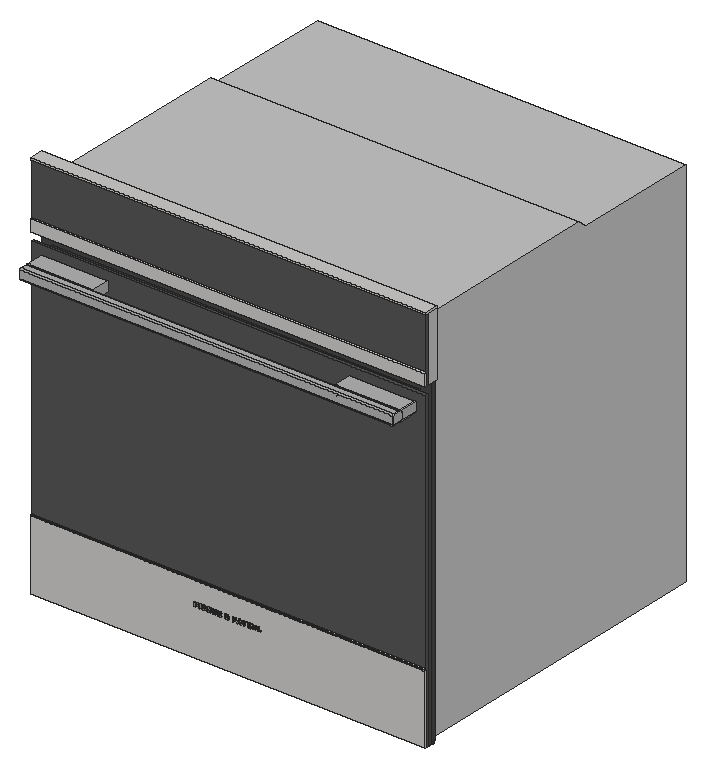
Revit family "FP_Revit_18_OB60SDPTX1_Oven_90000946A", category Specialty Equipment, Revit 2018
Family settings
  Round Connector Dimension = Use Diameter
  Part Type = Normal
  OmniClass Number = 23.40.40.14.17.11
  OmniClass Title = Cookers, Ovens, Stoves
  Work Plane-Based = No
  Always vertical = Yes
  Cut with Voids When Loaded = Yes
  Shared = No
  Room Calculation Point = No
Parameters
  Visibility - Clearance Required = yes
  URL = "www.fisherpaykel.com"
  Product - Width = 596 mm  # constant formula
  Product - Height = 598 mm  # constant formula
  Product - Depth = 565 mm  # constant formula
  Model = "OB60SDPTX1"
  Material - Trim = Fisher & Paykel - Stainless Steel
  Material - Structure = Fisher & Paykel - Black
  Material - Handle = Fisher & Paykel - Aluminium
  Material - Glass = Fisher & Paykel - Glass, Black
  Material - Buttons and Dials = Fisher & Paykel - Stainless Steel
  Material - Body = Fisher & Paykel - Grey
  Manufacturer = "Fisher & Paykel Appliances"
  FFL Offset [instance] = 200 mm
  Description = "60cm Built-In Oven"
  Connector Note - Electrical = "230 V, 18.5 A"
  Chassis - Width = 556 mm  # constant formula
  Chassis - Height = 575 mm  # constant formula
  Chassis - Depth = 545 mm  # constant formula
  Cavity - Width = 600 mm  # constant formula
  Cavity - Height = 600 mm  # constant formula
  Cavity - Depth = 550 mm  # constant formula
Reference planes
  plane 1 "Datum": y = 0
  plane 2: z = 0
  plane 3 "Center (Left/Right)": x = 0
  plane 4 "Cavity": z = 780
  plane 5 "Product Height": z = 798
  plane 6 "Product LHS": x = -298
  plane 7 "Product RHS": x = 298
  plane 8 "Cavity LHS": x = -300
  plane 9 "Cavity RHS": x = 300
  plane 10 "Cavity - Depth": y = 550
  plane 11 "Product Depth": y = 545
  plane 12 "Front Face": y = -20
  plane 13 "Dial": x = 154.861
  plane 14 "FFL Offset": z = 200
  plane 15 "Cavity Height": z = 800
Forms (mm)
  Extrusion 1, solid, material "Fisher & Paykel - Grey" <- "Material - Body"
    sketch origin (0, 0, 0) x (0, 1, 0) y (0, 0, 1)
      loop
        line (0, 200) -> (525, 200) -> (525, 393.99) -> (545, 413.99) -> (545, 609.73) -> (495, 659.73) -> (495, 764.6) -> (307.721, 764.6) -> (293.958, 775) -> (0, 775) -> (0, 200)
    from -278 to 278
  Extrusion 2, void
    sketch origin (0, 0, 0) x (1, 0, 0) y (0, 1, 0)
      loop
        line (-278, 495) -> (-229.13, 495) -> (-179.13, 545) -> (-278, 545) -> (-278, 495)
      loop
        line (278, 495) -> (278, 545) -> (94.617, 545) -> (114.617, 525) -> (199.13, 525) -> (229.13, 495) -> (278, 495)
    from 200 to 764.6
  Extrusion 3, solid, material "Fisher & Paykel - Stainless Steel" <- "Material - Trim"
    sketch origin (0, 0, 0) x (0, 1, 0) y (0, 0, 1)
      loop
        line (0, 798) -> (-20.5, 798) -> (-20.5, 795.1) -> (0, 795.1) -> (0, 798)
    from -298 to 298
  Extrusion 4, solid, material "Fisher & Paykel - Grey" <- "Material - Body"
    sketch origin (0, 0, 0) x (0, 1, 0) y (0, 0, 1)
      loop
        line (-16, 795.1) -> (-16, 698) -> (0, 698) -> (0, 795.1) -> (-16, 795.1)
    from -298 to 298
  Extrusion 5, solid, material "Fisher & Paykel - Glass, Black" <- "Material - Glass"
    sketch origin (0, 0, 0) x (1, 0, 0) y (0, 0, 1)
      loop
        line (-298, 685.2) -> (-298, 208.6) -> (298, 208.6) -> (298, 685.2) -> (-298, 685.2)
      loop
        line (-298, 698) -> (298, 698) -> (298, 794.5) -> (-298, 794.5) -> (-298, 698)
    from 16 to 20
  Extrusion 6, solid, material "Fisher & Paykel - Black" <- "Material - Structure"
    sketch origin (0, 0, 0) x (0, 1, 0) y (0, 0, 1)
      loop
        line (-13.8, 683.7) -> (-16, 683.7) -> (-16, 224.7) -> (-5, 224.7) -> (-5, 680.497) -> (-13.8, 683.7)
    from -277 to 277
  Extrusion 7, solid, material "Fisher & Paykel - Black" <- "Material - Structure"
    sketch origin (0, 0, 0) x (1, 0, 0) y (0, 0, 1)
      loop
        line (-295, 698) -> (-295, 209.536)
        arc (-295, 209.536) -> (-292.207, 202.793) -> (-285.464, 200) r 9.536
        line (-285.464, 200) -> (285.5, 200)
        arc (285.5, 200) -> (292.218, 202.782) -> (295, 209.5) r 9.5
        line (295, 209.5) -> (295, 698) -> (-295, 698)
    from 0 to 5
  Sweep 8, solid, material "Fisher & Paykel - Black"
    path origin (-195.035, 0, 0) x (0, 1, 0) y (0, 0, 1)
      loop
        line (478.272, 708.8) -> (498.6, 708.8)
        arc (498.6, 708.8) -> (507.085, 705.285) -> (510.6, 696.8) r 12
        line (510.6, 696.8) -> (510.6, 678.8)
    profile origin (-195.035, 488.436, 708.8) x (0, 0, 1) y (1, 0, 0)
      loop
        line (0, 11) -> (-11, 11) -> (-11, -11) -> (0, -11)
        arc (0, -11) -> (11, 0) -> (0, 11) r 11
  Extrusion 9, solid, material "Fisher & Paykel - Clearance Required", visible <- "Visibility - Clearance Required", detail levels coarse
    sketch origin (0, 0, 0) x (0, 1, 0) y (0, 0, 1)
      loop
        line (-21.6, 227.528) -> (-21.6, 200) -> (0, 200) -> (0, 800) -> (-21.6, 800) -> (-21.6, 685.18)
        arc (-21.6, 685.18) -> (-333.147, 559.899) -> (-479.9, 257.872) r 466.605
        line (-479.9, 257.872) -> (-465.169, 256.897) -> (-467.944, 214.989) -> (-455.498, 214.164) -> (-452.723, 256.073) -> (-21.6, 227.528)
    from -300 to 300
  Extrusion 10, solid, material "Fisher & Paykel - Clearance Required", visible <- "Visibility - Clearance Required", detail levels coarse
    sketch origin (0, 0, 0) x (1, 0, 0) y (0, 1, 0)
      loop
        line (-280, 0) -> (280, 0) -> (280, 550) -> (-280, 550) -> (-280, 0)
    from 200 to 780
  Extrusion 11, void
    sketch origin (0, 0, 0) x (1, 0, 0) y (0, 1, 0)
      loop
        line (-300, -21.6) -> (300, -21.6) -> (300, 0) -> (-300, 0) -> (-300, -21.6)
    from 200 to 800
  Extrusion 12, solid, material "Fisher & Paykel - Stainless Steel" <- "Material - Trim", detail levels medium+fine
    sketch origin (0, -2000, 0) x (0, 1, 0) y (0, 0, 1)
      loop
        line (1980, 316.326) -> (1978.666, 314.661)
        arc (1978.666, 314.661) -> (1978.468, 314.306) -> (1978.4, 313.905) r 1.209
        line (1978.4, 313.905) -> (1978.4, 208.6) -> (1980, 208.6) -> (1980, 316.326)
    from -298 to 298
  Extrusion 13, solid, material "Fisher & Paykel - Stainless Steel" <- "Material - Trim", detail levels fine
    sketch origin (0, 0, 0) x (0, 1, 0) y (0, 0, 1)
      loop
        line (-21.7, 715.525) -> (-21.7, 698) -> (-20, 698) -> (-20, 717.528) -> (-21.7, 715.525)
    from -298 to 298
  Extrusion 14, void
    sketch origin (0, 0, 0) x (1, 0, 0) y (0, 1, 0)
      loop
        line (-280, 550) -> (-280, 0) -> (280, 0) -> (280, 550) -> (-280, 550)
    from 200 to 780
Cuts and joins
  Extrusion 2 cuts Extrusion 1
Lines and regions (mm)
  model lines, style "Fisher & Paykel"
    curve 1: line (217.5, -20, 334.2) -> (-217.5, -20, 334.2)
    curve 2: line (217.5, -20, 617.436) -> (217.5, -20, 334.2)
    curve 3: line (-217.5, -20, 617.436) -> (217.5, -20, 617.436)
    curve 4: line (-217.5, -20, 334.2) -> (-217.5, -20, 617.436)
Text (mm)
  text "Disclaimer:\nWe endeavor to maintain the accuracy of our 3D content.\nHowever, product details are subject to change without notice.\nPlease refer to the product Data Sheets for the most current product information." at (41.04, -568.295, 0), in view "Ref. Level (Plan)"
Dimensions and locks
  equal spacing: plane 6 "Product LHS", plane 3 "Center (Left/Right)", plane 7 "Product RHS"
  "Product - Width": plane 6 "Product LHS" to plane 7 "Product RHS"
  equal spacing: plane 8 "Cavity LHS", plane 3 "Center (Left/Right)", plane 9 "Cavity RHS"
  "Cavity - Width": plane 8 "Cavity LHS" to plane 9 "Cavity RHS"
  "Cavity - Depth": plane 10 "Cavity - Depth" to plane 1 "Datum"
  "Chassis - Depth": plane 11 "Product Depth" to plane 1 "Datum"
  plane 12 "Front Face" to plane 1 "Datum" = 20 mm
  "Product - Depth": plane 11 "Product Depth" to plane 12 "Front Face"
  "Chassis - Width": cut or joined group of Extrusion 1, Extrusion 2 to cut or joined group of Extrusion 1, Extrusion 2
  "FFL Offset": plane 14 "FFL Offset" to level
  "Product - Height": plane 5 "Product Height" to plane 14 "FFL Offset"
  "Cavity - Height": Extrusion 9 to plane 14 "FFL Offset"
  locked: plane 4 "Cavity" to plane 14 "FFL Offset" at 580
  locked: nested 2 to plane 14 "FFL Offset" at 78.956
  locked: Extrusion 5 to plane 14 "FFL Offset" at 8.6
  locked: Extrusion 6 to plane 14 "FFL Offset" at 24.7
  locked: Extrusion 12 to plane 14 "FFL Offset" at 8.6
  "Cavity - Height": plane 15 "Cavity Height" to plane 14 "FFL Offset"
  locked: cut or joined group of Extrusion 1, Extrusion 2 to plane 14 "FFL Offset" at 564.6
  locked: plane 5 "Product Height" to nested 1 at 125.8
  locked: curve 1 to plane 14 "FFL Offset" at 134.2
  locked: curve 3 to plane 14 "FFL Offset" at 417.436
  aligned and locked: level to plane 2
  aligned and locked: plane 8 "Cavity LHS" to Extrusion 9
  aligned and locked: Extrusion 9 to plane 9 "Cavity RHS"
  aligned and locked: Extrusion 1 sketch curve to plane 14 "FFL Offset"
  aligned and locked: Extrusion 1 to Extrusion 2
  aligned and locked: Extrusion 2 to Extrusion 1
  aligned and locked: plane 14 "FFL Offset" to Extrusion 9 sketch curve
  aligned and locked: plane 14 "FFL Offset" to Extrusion 7 sketch curve
  aligned and locked: Extrusion 14 to cut or joined group of Extrusion 1, Extrusion 2
  aligned and locked: plane 4 "Cavity" to Extrusion 14
  aligned and locked: plane 4 "Cavity" to Extrusion 10
  aligned and locked: Extrusion 10 to cut or joined group of Extrusion 1, Extrusion 2
  aligned and locked: Extrusion 11 to cut or joined group of Extrusion 1, Extrusion 2
  aligned and locked: Extrusion 11 to Extrusion 9
  aligned and locked: plane 15 "Cavity Height" to Extrusion 11
Automatic sketch dimensions
  Extrusion 2 sketch curve to plane 11 "Product Depth" = 0 mm  (x2)
  Extrusion 2 sketch curve to plane 6 "Product LHS" = 20 mm
  Extrusion 2 sketch curve to Extrusion 2 sketch curve = 48.87 mm
  Extrusion 2 sketch curve to Extrusion 2 sketch curve = 50 mm  (x3)
  plane 3 "Center (Left/Right)" to Extrusion 2 sketch curve = 94.617 mm
  Extrusion 2 sketch curve to Extrusion 2 sketch curve = 20 mm
  Extrusion 2 sketch curve to plane 11 "Product Depth" = 20 mm
  Extrusion 2 sketch curve to Extrusion 2 sketch curve = 84.513 mm
  Extrusion 2 sketch curve to Extrusion 2 sketch curve = 30 mm
  plane 7 "Product RHS" to Extrusion 2 sketch curve = 20 mm
  Extrusion 3 sketch curve to plane 1 "Datum" = 0 mm
  Extrusion 3 sketch curve to plane 12 "Front Face" = 0.5 mm
  Extrusion 3 sketch curve to plane 5 "Product Height" = 2.9 mm
  plane 5 "Product Height" to Extrusion 3 sketch curve = 0 mm
  Extrusion 4 sketch curve to plane 1 "Datum" = 0 mm
  plane 12 "Front Face" to Extrusion 4 sketch curve = 4 mm
  Extrusion 4 sketch curve to plane 4 "Cavity" = 82 mm
  Extrusion 4 sketch curve to plane 5 "Product Height" = 2.9 mm
  plane 6 "Product LHS" to Extrusion 5 sketch curve = 0 mm  (x2)
  plane 7 "Product RHS" to Extrusion 5 sketch curve = 0 mm  (x2)
  level to Extrusion 5 sketch curve = 208.6 mm
  Extrusion 5 sketch curve to plane 4 "Cavity" = 94.8 mm
  Extrusion 5 sketch curve to Extrusion 5 sketch curve = 12.8 mm
  Extrusion 5 sketch curve to plane 5 "Product Height" = 3.5 mm
  plane 12 "Front Face" to Extrusion 6 sketch curve = 4 mm
  Extrusion 6 sketch curve to Extrusion 6 sketch curve = 2.2 mm
  plane 1 "Datum" to Extrusion 6 sketch curve = 5 mm
  level to Extrusion 6 sketch curve = 224.7 mm
  Extrusion 6 sketch curve to plane 4 "Cavity" = 99.503 mm
  Extrusion 6 sketch curve to Extrusion 6 sketch curve = 3.203 mm
  plane 7 "Product RHS" to curve 2 = 80.5 mm
  curve 4 to plane 6 "Product LHS" = 80.5 mm
  Sweep 8 sketch curve to plane 11 "Product Depth" = 46.4 mm
  Sweep 8 sketch curve to Sweep 8 sketch curve = 12 mm
  Sweep 8 sketch curve to plane 4 "Cavity" = 83.2 mm
  Sweep 8 sketch curve to Sweep 8 sketch curve = 20.328 mm
  Sweep 8 sketch curve to Sweep 8 sketch curve = 18 mm
  Sweep 8 sketch curve to profile plane = 0 mm  (x2)
  Sweep 8 sketch curve to Sweep 8 sketch curve = 11 mm
  Sweep 8 sketch curve to profile plane = 11 mm
  Extrusion 10 sketch curve to plane 10 "Cavity - Depth" = 0 mm
  plane 1 "Datum" to Extrusion 10 sketch curve = 0 mm
  Extrusion 10 sketch curve to plane 6 "Product LHS" = 18 mm
  plane 7 "Product RHS" to Extrusion 10 sketch curve = 18 mm
  plane 1 "Datum" to Extrusion 11 sketch curve = 0 mm
  Extrusion 11 sketch curve to plane 8 "Cavity LHS" = 0 mm
  Extrusion 11 sketch curve to plane 9 "Cavity RHS" = 0 mm
  Extrusion 11 sketch curve to plane 12 "Front Face" = 1.6 mm
  Extrusion 12 sketch curve to plane 12 "Front Face" = 0 mm
  Extrusion 12 sketch curve to plane 12 "Front Face" = 0.391 mm
  Extrusion 12 sketch curve to Extrusion 12 sketch curve = 0.943 mm
  Extrusion 12 sketch curve to Extrusion 12 sketch curve = 1.6 mm
  level to Extrusion 12 sketch curve = 208.6 mm
  Extrusion 12 sketch curve to Extrusion 12 sketch curve = 105.305 mm
  Extrusion 12 sketch curve to Extrusion 12 sketch curve = 1.664 mm
  Extrusion 13 sketch curve to plane 12 "Front Face" = 0 mm
  Extrusion 13 sketch curve to Extrusion 13 sketch curve = 1.7 mm
  Extrusion 13 sketch curve to plane 4 "Cavity" = 82 mm
  Extrusion 13 sketch curve to Extrusion 13 sketch curve = 17.525 mm
  Extrusion 13 sketch curve to Extrusion 13 sketch curve = 2.002 mm
  plane 1 "Datum" to Extrusion 14 sketch curve = 0 mm
  Extrusion 14 sketch curve to plane 10 "Cavity - Depth" = 0 mm
  Extrusion 14 sketch curve to plane 6 "Product LHS" = 18 mm
  plane 7 "Product RHS" to Extrusion 14 sketch curve = 18 mm
  Extrusion 1 sketch curve to plane 1 "Datum" = 0 mm
  Extrusion 1 sketch curve to plane 11 "Product Depth" = 0 mm
  Extrusion 1 sketch curve to plane 4 "Cavity" = 5 mm
  Extrusion 1 sketch curve to plane 11 "Product Depth" = 251.042 mm
  Extrusion 1 sketch curve to Extrusion 1 sketch curve = 13.762 mm
  Extrusion 1 sketch curve to plane 4 "Cavity" = 15.4 mm
  Extrusion 1 sketch curve to plane 11 "Product Depth" = 50 mm
  Extrusion 1 sketch curve to plane 11 "Product Depth" = 20 mm
  plane 14 "FFL Offset" to Extrusion 1 sketch curve = 193.99 mm
  Extrusion 1 sketch curve to Extrusion 1 sketch curve = 20 mm
  Extrusion 1 sketch curve to Extrusion 1 sketch curve = 154.87 mm
  Extrusion 1 sketch curve to Extrusion 1 sketch curve = 50 mm
  Extrusion 9 sketch curve to plane 1 "Datum" = 0 mm
  plane 12 "Front Face" to Extrusion 9 sketch curve = 5.051 mm
  Extrusion 9 sketch curve to plane 12 "Front Face" = 1.6 mm  (x2)
  plane 14 "FFL Offset" to Extrusion 9 sketch curve = 56.073 mm
  Extrusion 9 sketch curve to Extrusion 9 sketch curve = 431.123 mm
  plane 14 "FFL Offset" to Extrusion 9 sketch curve = 14.164 mm
  Extrusion 9 sketch curve to Extrusion 9 sketch curve = 2.775 mm
  plane 14 "FFL Offset" to Extrusion 9 sketch curve = 56.897 mm
  Extrusion 9 sketch curve to Extrusion 9 sketch curve = 12.446 mm
  plane 14 "FFL Offset" to Extrusion 9 sketch curve = 57.872 mm
  Extrusion 9 sketch curve to Extrusion 9 sketch curve = 8.905 mm
  plane 5 "Product Height" to Extrusion 9 sketch curve = 2 mm
  Extrusion 7 sketch curve to plane 6 "Product LHS" = 3 mm
  plane 14 "FFL Offset" to Extrusion 7 sketch curve = 9.536 mm
  plane 7 "Product RHS" to Extrusion 7 sketch curve = 12.5 mm
  plane 7 "Product RHS" to Extrusion 7 sketch curve = 3 mm
  Extrusion 7 sketch curve to plane 4 "Cavity" = 82 mm
Nested families
  nested 1: "F&P Handle Contemporary Square OB60-24" at (0, -20, 664.222), type "Aluminium"
  nested 2: "F&P Logo 100mm" at (0, -21.6, 278.956), type "Chrome", detail levels fine
Connectors
  electrical at (-195.035, 505.1, 678.8), driven by "Connector Note - Electrical"
    settings: on Sweep 8, index 1, voltage 230 V, apparent load 0 VA, apparent load phase1 0 VA, apparent load phase2 0 VA, apparent load phase3 0 VA, power factor 1, load classification "Other", number of poles 1, system type 30, power factor state 1, is connector primary yes, connector utility no, sub classification motor no, connector description "230 V, 18.5 A"
Definition of nested family "F&P Handle Contemporary Square OB60-24"
  Parameters (values of type "Aluminium Dark")
    URL = "www.fisherpaykel.com"
    Material - Handle = none
    Manufacturer = "Fisher & Paykel Appliances"
    Handle - Length = 565 mm
  Types (2): name
    Aluminium
    Aluminium Dark
  Reference planes
    plane 1 "Center (Front/Back)": y = 0
    plane 2: z = 0
    plane 3 "Center (Left/Right)": x = 0
    plane 4 "Product LHS": x = -282.5
    plane 5 "Product RHS": x = 282.5
    plane 6 "LHS Standoff": x = -182.495
    plane 7 "RHS Standoff": x = 182.505
  Forms (mm)
    Extrusion 1, solid, material <- "Material - Handle", detail levels fine
      sketch origin (0, 0, 0) x (0, 1, 0) y (0, 0, 1)
        loop
          arc (-28.701, 7.561) -> (-29.057, 7.868) -> (-29.514, 7.978) r 1
          line (-29.514, 7.978) -> (-40.5, 7.978)
          arc (-40.5, 7.978) -> (-41.561, 7.539) -> (-42, 6.478) r 1.5
          line (-42, 6.478) -> (-42, -6.522)
          arc (-42, -6.522) -> (-41.561, -7.583) -> (-40.5, -8.022) r 1.5
          line (-40.5, -8.022) -> (-29.487, -8.022)
          arc (-29.487, -8.022) -> (-29.029, -7.911) -> (-28.673, -7.602) r 1
          arc (-28.673, -7.602) -> (-26.256, -0.016) -> (-28.701, 7.561) r 13.038
      from -282.5 to 282.5
    Extrusion 2, solid, material <- "Material - Handle", detail levels fine
      sketch origin (0, 0, 0) x (0, 1, 0) y (0, 0, 1)
        loop
          arc (-28.23, 7.062) -> (-26.156, 0.008) -> (-28.198, -7.056) r 13.136
          arc (-28.198, -7.056) -> (-28.21, -7.463) -> (-27.86, -7.67) r 0.4
          line (-27.86, -7.67) -> (0, -7.67) -> (0, 7.678) -> (-27.893, 7.678)
          arc (-27.893, 7.678) -> (-28.244, 7.47) -> (-28.23, 7.062) r 0.4
      from 182.505 to 282.5
    Extrusion 3, solid, material <- "Material - Handle", detail levels fine
      sketch origin (0, 0, 0) x (0, 1, 0) y (0, 0, -1)
        loop
          arc (-28.23, -7.062) -> (-28.244, -7.47) -> (-27.893, -7.678) r 0.4
          line (-27.893, -7.678) -> (0, -7.678) -> (0, 7.67) -> (-27.86, 7.67)
          arc (-27.86, 7.67) -> (-28.21, 7.463) -> (-28.198, 7.056) r 0.4
          arc (-28.198, 7.056) -> (-26.156, -0.008) -> (-28.23, -7.062) r 13.136
      from 182.495 to 282.5
    Sweep 4, void
      path in 3D
        loop
          line (282.5, -29.514, 7.978) -> (282.5, -40.5, 7.978)
          arc (282.5, -40.5, 7.978) -> (282.5, -41.561, 7.539) -> (282.5, -42, 6.478) r 1.5
          line (282.5, -42, 6.478) -> (282.5, -42, -6.522)
          arc (282.5, -42, -6.522) -> (282.5, -41.561, -7.583) -> (282.5, -40.5, -8.022) r 1.5
          line (282.5, -40.5, -8.022) -> (282.5, -29.487, -8.022)
      profile origin (282.5, -35.007, 7.978) x (1, 0, 0) y (0, 0, 1)
        loop
          line (0, 0) -> (-1.3, 0) -> (0, -1.3) -> (0, 0)
    Sweep 5, void
      path in 3D
        loop
          line (-282.5, -29.487, -8.022) -> (-282.5, -40.5, -8.022)
          arc (-282.5, -40.5, -8.022) -> (-282.5, -41.561, -7.583) -> (-282.5, -42, -6.522) r 1.5
          line (-282.5, -42, -6.522) -> (-282.5, -42, 6.478)
          arc (-282.5, -42, 6.478) -> (-282.5, -41.561, 7.539) -> (-282.5, -40.5, 7.978) r 1.5
          line (-282.5, -40.5, 7.978) -> (-282.5, -29.514, 7.978)
      profile origin (-282.5, -35.007, 7.978) x (-1, 0, 0) y (0, 0, 1)
        loop
          line (0, 0) -> (-1.3, 0) -> (0, -1.3) -> (0, 0)
    Extrusion 6, void
      sketch origin (0, 0, 0) x (1, 0, 0) y (0, 0, 1)
        loop
          line (282.5, 7.978) -> (281.2, 7.978) -> (282.5, 6.678) -> (282.5, 7.978)
        loop
          line (282.5, -8.022) -> (282.5, -6.722) -> (281.2, -8.022) -> (282.5, -8.022)
      from 0 to 40
    Extrusion 7, void
      sketch origin (0, 0, 0) x (1, 0, 0) y (0, 0, 1)
        loop
          line (-282.5, 7.978) -> (-282.5, 6.678) -> (-281.2, 7.978) -> (-282.5, 7.978)
        loop
          line (-282.5, -8.022) -> (-281.2, -8.022) -> (-282.5, -6.722) -> (-282.5, -8.022)
      from 0 to 40
    Extrusion 8, solid, material <- "Material - Handle", detail levels coarse+medium
      sketch origin (0, 0, 0) x (1, 0, 0) y (0, 1, 0)
        loop
          line (-282.5, -42) -> (282.5, -42) -> (282.5, 0) -> (182.505, 0) -> (182.505, -26.156) -> (-182.495, -26.156) -> (-182.495, 0) -> (-282.5, 0) -> (-282.5, -42)
      from -8.022 to 7.978
  Cuts and joins
    Sweep 4, Sweep 5, Extrusion 6, Extrusion 7 cuts Extrusion 1
    Extrusion 6 cuts Extrusion 2
    Extrusion 7 cuts Extrusion 3
  Lines and regions (mm)
    sketch lines
      curve 1: line (282.5, -29.514, 7.978) -> (282.5, -40.5, 7.978)
      curve 2: arc (282.5, -42, 6.478) -> (282.5, -41.561, 7.539) -> (282.5, -40.5, 7.978) r 1.5
      curve 3: line (282.5, -42, 6.478) -> (282.5, -42, -6.522)
      curve 4: arc (282.5, -40.5, -8.022) -> (282.5, -41.561, -7.583) -> (282.5, -42, -6.522) r 1.5
      curve 5: line (282.5, -40.5, -8.022) -> (282.5, -29.487, -8.022)
      curve 6: line (-282.5, -40.5, 7.978) -> (-282.5, -29.514, 7.978)
      curve 7: arc (-282.5, -40.5, 7.978) -> (-282.5, -41.561, 7.539) -> (-282.5, -42, 6.478) r 1.5
      curve 8: line (-282.5, -42, -6.522) -> (-282.5, -42, 6.478)
      curve 9: arc (-282.5, -42, -6.522) -> (-282.5, -41.561, -7.583) -> (-282.5, -40.5, -8.022) r 1.5
      curve 10: line (-282.5, -29.487, -8.022) -> (-282.5, -40.5, -8.022)
  Dimensions and locks
    equal spacing: plane 4 "Product LHS", plane 3 "Center (Left/Right)", plane 5 "Product RHS"
    "Handle - Length": plane 4 "Product LHS" to plane 5 "Product RHS"
    locked: plane 4 "Product LHS" to plane 6 "LHS Standoff" at 100.005
    locked: plane 7 "RHS Standoff" to plane 5 "Product RHS" at 99.995
    aligned and locked: level to plane 2
    aligned and locked: Extrusion 1 to plane 5 "Product RHS"
    aligned and locked: plane 4 "Product LHS" to Extrusion 1
    aligned and locked: Extrusion 2 to plane 5 "Product RHS"
    aligned and locked: plane 4 "Product LHS" to Extrusion 3
    aligned and locked: plane 4 "Product LHS" to Extrusion 8 sketch curve
    aligned and locked: Extrusion 8 sketch curve to plane 5 "Product RHS"
    aligned and locked: Extrusion 8 sketch curve to plane 7 "RHS Standoff"
    aligned and locked: plane 6 "LHS Standoff" to Extrusion 8 sketch curve
    aligned and locked: Extrusion 2 to plane 7 "RHS Standoff"
    aligned and locked: plane 6 "LHS Standoff" to Extrusion 3
  Automatic sketch dimensions
    Extrusion 1 sketch curve to level = 6.522 mm
    plane 1 "Center (Front/Back)" to Extrusion 1 sketch curve = 42 mm
    Extrusion 1 sketch curve to Extrusion 1 sketch curve = 1.5 mm  (x2)
    Extrusion 1 sketch curve to level = 0.04 mm
    Extrusion 1 sketch curve to Extrusion 1 sketch curve = 1.206 mm
    level to Extrusion 1 sketch curve = 6.978 mm
    Extrusion 1 sketch curve to Extrusion 1 sketch curve = 10.986 mm
    Extrusion 1 sketch curve to Extrusion 1 sketch curve = 11.013 mm
    Extrusion 1 sketch curve to Extrusion 1 sketch curve = 1 mm
    level to Extrusion 1 sketch curve = 6.478 mm
    Extrusion 1 sketch curve to Extrusion 1 sketch curve = 0 mm
    Extrusion 2 sketch curve to plane 1 "Center (Front/Back)" = 0 mm
    Extrusion 2 sketch curve to level = 7.67 mm
    Extrusion 2 sketch curve to Extrusion 2 sketch curve = 27.86 mm
    level to Extrusion 2 sketch curve = 7.678 mm
    Extrusion 2 sketch curve to Extrusion 2 sketch curve = 0.033 mm
    Extrusion 2 sketch curve to level = 0.022 mm
    Extrusion 2 sketch curve to Extrusion 2 sketch curve = 11.398 mm
    Extrusion 2 sketch curve to Extrusion 2 sketch curve = 0.4 mm  (x2)
    Extrusion 2 sketch curve to Extrusion 2 sketch curve = 0 mm
    Extrusion 3 sketch curve to plane 1 "Center (Front/Back)" = 0 mm
    Extrusion 3 sketch curve to level = 7.67 mm
    Extrusion 3 sketch curve to Extrusion 3 sketch curve = 27.86 mm
    level to Extrusion 3 sketch curve = 7.678 mm
    Extrusion 3 sketch curve to Extrusion 3 sketch curve = 0.033 mm
    Extrusion 3 sketch curve to level = 0.022 mm
    Extrusion 3 sketch curve to Extrusion 3 sketch curve = 11.398 mm
    Extrusion 3 sketch curve to Extrusion 3 sketch curve = 0.4 mm  (x2)
    Extrusion 3 sketch curve to Extrusion 3 sketch curve = 0 mm
    profile plane to Sweep 4 sketch curve = 0 mm
    Sweep 4 sketch curve to profile plane = 0 mm
    Sweep 4 sketch curve to profile plane = 1.3 mm
    profile plane to Sweep 4 sketch curve = 1.3 mm
    Sweep 5 sketch curve to profile plane = 0 mm  (x2)
    profile plane to Sweep 5 sketch curve = 1.3 mm
    Sweep 5 sketch curve to profile plane = 1.3 mm
    plane 5 "Product RHS" to Extrusion 6 sketch curve = 0 mm  (x2)
    Extrusion 6 sketch curve to Extrusion 6 sketch curve = 1.3 mm  (x4)
    Extrusion 6 sketch curve to level = 6.722 mm
    level to Extrusion 6 sketch curve = 6.678 mm
    plane 4 "Product LHS" to Extrusion 7 sketch curve = 0 mm  (x2)
    Extrusion 7 sketch curve to plane 4 "Product LHS" = 1.3 mm  (x2)
    Extrusion 7 sketch curve to level = 8.022 mm
    level to Extrusion 7 sketch curve = 6.678 mm
    Extrusion 7 sketch curve to Extrusion 7 sketch curve = 1.3 mm  (x2)
    plane 1 "Center (Front/Back)" to Extrusion 8 sketch curve = 0 mm  (x2)
    Extrusion 8 sketch curve to Extrusion 8 sketch curve = 26.156 mm
    Extrusion 8 sketch curve to Extrusion 8 sketch curve = 42 mm
Definition of nested family "F&P Logo 100mm"
  Parameters (values of type "Chrome")
    URL = "www.fisherpaykel.com"
    Material - Logo = none
    Manufacturer = "Fisher & Paykel Appliances"
  Types (3): name
    (no name)
    Chrome
    Grey
  Reference planes
    plane 1 "Center (Front/Back)": y = 0
    plane 2: z = 0
    plane 3 "Center (Left/Right)": x = 0
  Forms (mm)
    Extrusion 1, solid, material <- "Material - Logo", detail levels fine
      sketch origin (0, 0, 0) x (1, 0, 0) y (0, 0, 1)
        loop
          line (-50.044, 0) -> (-48.47, 0) -> (-48.47, 2.138) -> (-46.011, 2.138) -> (-46.011, 3.472) -> (-48.47, 3.472) -> (-48.47, 4.712) -> (-45.795, 4.712) -> (-45.795, 6.04) -> (-50.044, 6.04) -> (-50.044, 0)
        loop
          line (-42.804, 6.04) -> (-42.804, 0) -> (-41.23, 0) -> (-41.23, 6.04) -> (-42.804, 6.04)
        loop
          line (-30.724, 6.04) -> (-30.724, 0) -> (-29.151, 0) -> (-29.151, 2.42) -> (-26.839, 2.42) -> (-26.839, 0) -> (-25.265, 0) -> (-25.265, 6.04) -> (-26.839, 6.04) -> (-26.839, 3.748) -> (-29.151, 3.748) -> (-29.151, 6.04) -> (-30.724, 6.04)
        loop
          line (-21.906, 6.04) -> (-21.906, 0) -> (-17.602, 0) -> (-17.602, 1.328) -> (-20.347, 1.328) -> (-20.347, 2.42) -> (-17.838, 2.42) -> (-17.838, 3.748) -> (-20.347, 3.748) -> (-20.347, 4.712) -> (-17.602, 4.712) -> (-17.602, 6.04) -> (-21.906, 6.04)
        loop
          line (45.667, 6.04) -> (45.667, 0) -> (49.956, 0) -> (49.956, 1.328) -> (47.241, 1.328) -> (47.241, 6.04) -> (45.667, 6.04)
        loop
          line (42.431, 6.04) -> (38.112, 6.04) -> (38.112, 0) -> (42.431, 0) -> (42.431, 1.328) -> (39.687, 1.328) -> (39.687, 2.42) -> (42.195, 2.42) -> (42.195, 3.748) -> (39.687, 3.748) -> (39.687, 4.712) -> (42.431, 4.712) -> (42.431, 6.04)
        loop
          line (33.451, 3.148) -> (35.683, 6.04) -> (33.844, 6.04) -> (31.915, 3.542) -> (31.915, 6.04) -> (30.342, 6.04) -> (30.342, 0) -> (31.915, 0) -> (31.915, 2.705) -> (33.903, 0) -> (35.763, 0) -> (33.451, 3.148)
        loop
          line (21.98, 6.04) -> (24.262, 2.42) -> (24.262, 0) -> (25.837, 0) -> (25.837, 2.341) -> (28.119, 6.04) -> (26.446, 6.04) -> (25.099, 3.707) -> (23.753, 6.04) -> (21.98, 6.04)
        loop
          line (18.479, 6.04) -> (16.983, 6.04) -> (14.524, 0) -> (16.069, 0) -> (16.501, 1.112) -> (18.921, 1.112) -> (19.354, 0) -> (20.938, 0) -> (18.479, 6.04)
        loop
          line (18.4, 2.439) -> (17.693, 4.174) -> (17.018, 2.439) -> (18.4, 2.439)
        loop
          line (8.031, 6.04) -> (8.031, 0) -> (9.605, 0) -> (9.605, 1.938) -> (10.599, 1.938)
          arc (10.599, 1.938) -> (12.65, 3.989) -> (10.599, 6.04) r 2.051
          line (10.599, 6.04) -> (8.031, 6.04)
        loop
          line (9.605, 4.712) -> (9.605, 3.197) -> (10.501, 3.197)
          arc (10.501, 3.197) -> (11.259, 3.954) -> (10.501, 4.712) r 0.757
          line (10.501, 4.712) -> (9.605, 4.712)
        loop
          line (-11.783, 6.04) -> (-14.366, 6.04) -> (-14.366, 0) -> (-12.792, 0) -> (-12.792, 1.336) -> (-11.992, 1.336) -> (-10.972, 0) -> (-9.153, 0) -> (-10.694, 1.973)
          arc (-10.694, 1.973) -> (-9.678, 4.424) -> (-11.783, 6.04) r 2.179
        loop
          line (-11.897, 4.712) -> (-12.792, 4.712) -> (-12.792, 3.053) -> (-11.897, 3.053)
          arc (-11.897, 3.053) -> (-11.068, 3.882) -> (-11.897, 4.712) r 0.83
        loop
          line (0.477, 4.712) -> (0.477, 6.153) -> (-3.575, 6.153) -> (-3.575, 4.851) -> (-2.974, 4.112)
          arc (-2.974, 4.112) -> (-3.51, 0.684) -> (-0.045, 0.512) r 2.334
          line (-0.045, 0.512) -> (0.46, -0.109) -> (2.246, -0.109) -> (0.86, 1.594) -> (2.061, 3.324) -> (0.443, 3.324) -> (-0.013, 2.667) -> (-1.677, 4.712) -> (0.477, 4.712)
        loop
          arc (-2.125, 3.068) -> (-2.269, 1.668) -> (-0.868, 1.524) r 0.996
          line (-0.868, 1.524) -> (-2.125, 3.068)
        loop
          line (-35.18, 3.634) -> (-36.516, 3.91)
          arc (-36.516, 3.91) -> (-37.049, 4.443) -> (-36.516, 4.976) r 0.533
          arc (-36.516, 4.976) -> (-35.235, 4.79) -> (-34.059, 4.248) r 4.505
          line (-34.059, 4.248) -> (-34.059, 5.743)
          arc (-34.059, 5.743) -> (-35.549, 6.179) -> (-37.1, 6.109) r 4.726
          arc (-37.1, 6.109) -> (-38.536, 4.335) -> (-37.1, 2.561) r 1.814
          line (-37.1, 2.561) -> (-35.754, 2.282)
          arc (-35.754, 2.282) -> (-35.221, 1.749) -> (-35.754, 1.216) r 0.533
          arc (-35.754, 1.216) -> (-37.035, 1.402) -> (-38.211, 1.945) r 4.505
          line (-38.211, 1.945) -> (-38.211, 0.449)
          arc (-38.211, 0.449) -> (-36.72, 0.013) -> (-35.169, 0.083) r 4.726
          arc (-35.169, 0.083) -> (-33.734, 1.863) -> (-35.18, 3.634) r 1.814
      from 0 to 0.8
  Dimensions and locks
    aligned and locked: level to plane 2
